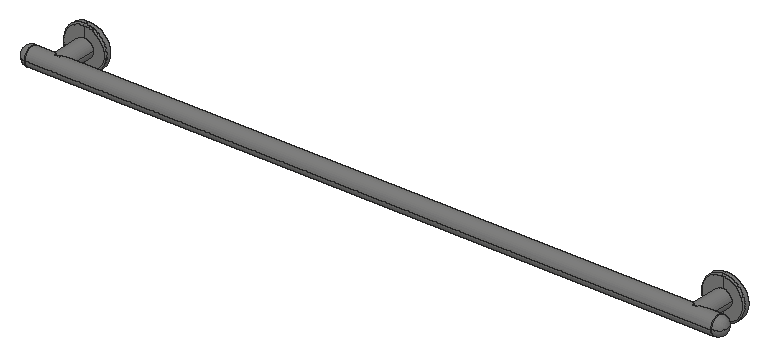
Revit family "rba-bim-rba4600-051", category Plumbing Fixtures, Revit 2016
Family settings
  Part Type = Normal
  Round Connector Dimension = Use Diameter
  Work Plane-Based = No
  Always vertical = Yes
  Cut with Voids When Loaded = No
  Shared = No
  Room Calculation Point = No
Parameters (values of type "RBA4600-059")
  Watermarked By = "www.rba.com.au"
  Waste Connection = yes
  Vent Connection = yes
  URL = "http://www.rba.com.au/accessible-disabled/grab-rails"
  Phone Number = "1300 788 778"
  OFFSET = 1000.0 mm
  Modified Issue = "20180813.01"
  Model = "RBA4600-059"
  Materials and Finishes = Stainless Steel, Polished
  Manufacturer Model = ""
  Manufacturer = "RBA Group"
  HW Connection = yes
  Distance Away from Wall [instance] = 100.0 mm
  Distance Away from Toilet [instance] = 1090.0 mm
  Description = "Raffaello Straight Grab Rail 1116mm"
  Copyright by = "RBA Group"  # constant formula
  CW Connection = yes
Types (3, lengths in mm): name | Model | Materials and Finishes
  RBA4600-051 | "RBA4600-051" | Stainless Steel / White Antibacterial Finish
  RBA4600-058 | "RBA4600-058" | Stainless Steel / Matte Black Antibacterial Finish
  RBA4600-059 | "RBA4600-059" | Stainless Steel, Polished
Reference planes
  plane 1 "Center (Front/Back)": y = 0
  plane 2: z = 0
  plane 3 "Center (Left/Right)": x = 0
  plane 4: x = -558
  plane 5: x = 558
  plane 6: x = -600
  plane 7: x = 600
  plane 8: x = 616
  plane 9: x = -616
  plane 10: y = -9.5
  plane 11: y = -55
Forms (mm)
  Extrusion 1, solid, material "Stainless Steel, Polished" <- "Materials and Finishes"
    sketch origin (-75, 0, 0) x (1, 0, 0) y (0, 0, 1)
      loop
        circle (-483, 0) r 16
    from 9.5 to 71
  Extrusion 2, solid, material "Stainless Steel, Polished" <- "Materials and Finishes"
    sketch origin (75, 0, 0) x (-1, 0, 0) y (0, 0, -1)
      loop
        circle (-483, 0) r 16
    from 9.5 to 71
  Extrusion 3, solid, material "Stainless Steel, Polished" <- "Materials and Finishes"
    sketch origin (0, -0.5, -1000) x (0, 1, 0) y (0, 0, 1)
      loop
        circle (-70.5, 1000) r 16
    from -600 to 600
  Revolve 4, solid, material "Stainless Steel, Polished" <- "Materials and Finishes"
    sketch origin (-150, 0, 0) x (1, 0, 0) y (0, 1, 0)
      loop
        line (-466, -71) -> (-450, -71) -> (-450, -55)
        arc (-450, -55) -> (-461.314, -59.686) -> (-466, -71) r 16
      axis (-466, -71) -> (-450, -71)
    angle from 0 to 360
  Revolve 5, solid, material "Stainless Steel, Polished" <- "Materials and Finishes"
    sketch origin (150, 0, 0) x (-1, 0, 0) y (0, -1, 0)
      loop
        arc (-466, 71) -> (-461.314, 59.686) -> (-450, 55) r 16
        line (-450, 55) -> (-450, 71) -> (-466, 71)
      axis (-466, 71) -> (-450, 71)
    angle from 0 to 360
  Revolve 6, solid, material "Stainless Steel, Polished" <- "Materials and Finishes"
    sketch origin (558, 0, -450) x (0, 1, 0) y (0, 0, 1)
      loop
        line (0, 487.5) -> (-7.5, 487.5)
        arc (-7.5, 487.5) -> (-8.914, 486.914) -> (-9.5, 485.5) r 2
        line (-9.5, 485.5) -> (-9.5, 450) -> (0, 450) -> (0, 487.5)
      axis (0, 450) -> (-9.5, 450)
    angle from 0 to 360
  Revolve 7, solid, material "Stainless Steel, Polished" <- "Materials and Finishes"
    sketch origin (-558, 0, -450) x (0, 1, 0) y (0, 0, 1)
      loop
        line (0, 487.5) -> (-7.5, 487.5)
        arc (-7.5, 487.5) -> (-8.914, 486.914) -> (-9.5, 485.5) r 2
        line (-9.5, 485.5) -> (-9.5, 450) -> (0, 450) -> (0, 487.5)
      axis (0, 450) -> (-9.5, 450)
    angle from 0 to 360
Dimensions and locks
  plane 4 to plane 5 = 1116.0 mm
  plane 6 to plane 7 = 1200.0 mm
  plane 1 "Center (Front/Back)" to plane 10 = 9.5 mm
  plane 5 to plane 7 = 42.0 mm
  plane 9 to plane 8 = 1232.0 mm
  plane 9 to plane 4 = 58.0 mm
  plane 6 to plane 4 = 42.0 mm
  plane 5 to plane 8 = 58.0 mm
  plane 11 to plane 1 "Center (Front/Back)" = 55.0 mm
  radius of Revolve 4 sketch curve = 16.0 mm
  radius of Revolve 5 sketch curve = 16.0 mm
  aligned and locked: plane 2 to level
  aligned and locked: level to Extrusion 1  (x5)
  aligned and locked: level to Extrusion 2
  aligned and locked: Extrusion 3 to plane 6
  aligned and locked: plane 7 to Extrusion 3
  aligned and locked: Extrusion 3 to Revolve 5
  aligned and locked: Revolve 5 to plane 7  (x3)
  aligned and locked: Revolve 4 to plane 6
  aligned and locked: plane 6 to Revolve 4
  aligned and locked: plane 5 to Revolve 6  (x3)
  aligned and locked: plane 10 to Extrusion 2
  aligned and locked: Extrusion 2 to plane 10  (x2)
  aligned and locked: plane 4 to Revolve 7  (x3)
  aligned and locked: plane 10 to Extrusion 1
  aligned and locked: Extrusion 1 to plane 10
